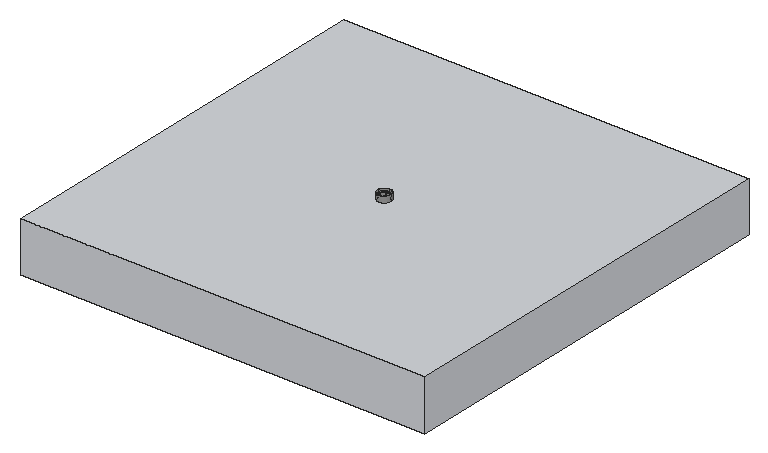
Revit family "Hekatron_Feststellanlagen_Sockel 143 A_DE_22.01", category Brandmelder, Revit 2018
Family settings
  Basisbauteil = Fläche
  Beschriftungsausrichtung beibehalten = Ja
  Bemaßung runder Anschluss = Durchmesser verwenden
  Teiletyp = Normal
  OmniClass-Nummer = 23.85.30.21
  OmniClass-Titel = Environmental Detection/Registration
  Beim Laden mit Abzugskörper schneiden = Nein
  Gemeinsam genutzt = Nein
  Raumberechnungspunkt = Nein
Parameters (values of type "Base 143 A")
  Zulässige Umgebungstemperatur = ""
  Zulässige Luftgeschwindigkeit = ""
  Zulassungen nach EN 54 = ""
  Version des BIM Objektes = "22.01"
  VdS-Anerkennung = ""
  URL = "https://www.hekatron-brandschutz.de"
  UB A&S Artikel Nummer = "5000350"
  Typenkommentare = "Aufputz Montagesockel"
  Tiefe (mm) = ""
  Stromaufnahme = ""
  Schutzart = "IP 42"
  Rauchteil einstellbar = ""
  Nettogewicht (g) = ""
  Montageart = "Aufputz"
  Modell = "Sockel 143 A"
  Material = "PC"
  Link zum Datenblatt = ""
  Link zu ausschreiben.de = "http://www.ausschreiben.de/katalog/Hekatron/position/39"
  Link zu Produktinformation = "https://www.hekatron-planungstools.de/Produktinfo/Sockel_143_A.PDF"
  Link zu Ausschreibungstext = "https://www.meinhplus.de/login"
  Leistungserklärung (DoP) = ""
  Lautstärke DIN-Ton (dB) = ""
  Kabeleinführung = "hinten, seitlich"
  Höhe (mm) = "33.0"
  Hersteller = "Hekatron"
  Heigth [instance] = 80.2 mm
  Funktionsprinzip = ""
  Farbe = "weiß, ähnlich RAL 9010"
  Ex-Zonen = ""
  Einstellung Temperaturklasse nach EN 54-5 = ""
  Einstellung Temperaturindex nach EN 54-5 = ""
  Einstellung Rauchempfindlichkeit nach EN 54-20 = ""
  Einstellen Rauchempfindlichkeit nach EN 54-7 = ""
  EG-Konformitätszertifikat / Zertifikat der Leistungsbeständigkeit = ""
  Durchmesser (mm) = "80.0"
  Depth [instance] = 33 mm
  Vorgabe-Ansicht = 1200 mm
  Breite (mm) = ""
  Betriebsspannung = ""
  Beschreibung = "Universalsockel für den Rauchschalter ORS 142 und den Thermodiffernzialschalter TDS 247 zur Deckenmontage."
  Bauartgenehmigungen = ""
  Anzahl Ansaugleitungen = ""
  Ansprechtemperatur = ""
  Alarm- & Empfindlichkeitsbereich = ""
Reference planes
  plane 1 "Center (Front/Back)": y = 0
  plane 2: z = 0
  plane 3 "Center (Left/Right)": x = 0
Forms (mm)
  Extrusion 1, solid
    sketch origin (0, 0, 0) x (1, 0, 0) y (0, 1, 0)
      loop
        line (-1219.2, 1219.2) -> (-1219.2, -1219.2) -> (1219.2, -1219.2) -> (1219.2, 1219.2) -> (-1219.2, 1219.2)
    from 0 to -304.8
  Revolve 2, solid, material "PC/ABS Plastic, RAL 9010"
    sketch origin (0, 0, 0) x (1, 0, 0) y (0, 0, 1)
      loop
        line (-39.25, 33) -> (-40.1, 33) -> (-39.65, 0) -> (0, 0) -> (0, 2.5) -> (-37.279, 2.5) -> (-37.488, 14.05) -> (0, 14.05) -> (0, 16) -> (-38.282, 16) -> (-38.35, 21) -> (-39.15, 21) -> (-39.25, 33)
      axis (0, 33) -> (0, 0)
    angle from 0 to 360
  Extrusion 3, void
    sketch origin (0, 0, 0) x (1, 0, 0) y (0, 1, 0)
      loop
        arc (28.36, -4.925) -> (32.5, 0) -> (28.36, 4.925) r 5
        arc (28.36, 4.925) -> (24.666, 14.838) -> (17.641, 22.746) r 28.785
        line (17.641, 22.746) -> (17.151, 22.114)
        arc (17.151, 22.114) -> (15.034, 23.604) -> (12.789, 24.892) r 27.985
        line (12.789, 24.892) -> (13.154, 25.603)
        arc (13.154, 25.603) -> (3.677, 28.549) -> (-6.238, 28.101) r 28.785
        line (-6.238, 28.101) -> (-6.064, 27.32)
        arc (-6.064, 27.32) -> (-8.505, 26.661) -> (-10.876, 25.785) r 27.985
        line (-10.876, 25.785) -> (-11.187, 26.522)
        arc (-11.187, 26.522) -> (-19.457, 21.213) -> (-25.459, 13.431) r 28.785
        line (-25.459, 13.431) -> (-24.752, 13.058)
        arc (-24.752, 13.058) -> (-25.863, 10.689) -> (-26.748, 8.228) r 27.985
        line (-26.748, 8.228) -> (-27.513, 8.463)
        arc (-27.513, 8.463) -> (-27.992, 6.708) -> (-28.36, 4.925) r 28.785
        arc (-28.36, 4.925) -> (-32.5, 0) -> (-28.36, -4.925) r 5
        arc (-28.36, -4.925) -> (-24.677, -14.82) -> (-17.673, -22.72) r 28.785
        line (-17.673, -22.72) -> (-17.182, -22.089)
        arc (-17.182, -22.089) -> (-15.045, -23.597) -> (-12.776, -24.898) r 27.985
        line (-12.776, -24.898) -> (-13.141, -25.61)
        arc (-13.141, -25.61) -> (-3.76, -28.538) -> (6.06, -28.14) r 28.785
        line (6.06, -28.14) -> (5.892, -27.358)
        arc (5.892, -27.358) -> (8.336, -26.714) -> (10.713, -25.853) r 27.985
        line (10.713, -25.853) -> (11.019, -26.592)
        arc (11.019, -26.592) -> (19.396, -21.269) -> (25.467, -13.417) r 28.785
        line (25.467, -13.417) -> (24.759, -13.045)
        arc (24.759, -13.045) -> (25.858, -10.701) -> (26.736, -8.266) r 27.985
        line (26.736, -8.266) -> (27.5, -8.503)
        arc (27.5, -8.503) -> (27.988, -6.728) -> (28.36, -4.925) r 28.785
    from 14.05 to 16
  Extrusion 4, void
    sketch origin (0, 0, 0) x (1, 0, 0) y (0, 1, 0)
      loop
        arc (-23.747, 19.926) -> (-23.932, 22.04) -> (-26.046, 21.855) r 1.5
        arc (-26.046, 21.855) -> (-28.356, 18.761) -> (-30.3, 15.425) r 34
        arc (-30.3, 15.425) -> (-31.284, 9.714) -> (-27.574, 14.166) r 3
        arc (-27.574, 14.166) -> (-25.822, 17.153) -> (-23.747, 19.926) r 31
      loop
        arc (26.046, 21.855) -> (23.4, 24.667) -> (20.452, 27.161) r 34
        arc (20.452, 27.161) -> (14.999, 29.122) -> (18.739, 24.695) r 3
        arc (18.739, 24.695) -> (21.376, 22.451) -> (23.747, 19.926) r 31
        arc (23.747, 19.926) -> (25.861, 19.742) -> (26.046, 21.855) r 1.5
      loop
        arc (30.3, -15.425) -> (31.284, -9.714) -> (27.574, -14.166) r 3
        arc (27.574, -14.166) -> (25.822, -17.153) -> (23.747, -19.926) r 31
        arc (23.747, -19.926) -> (23.932, -22.04) -> (26.046, -21.855) r 1.5
        arc (26.046, -21.855) -> (28.356, -18.761) -> (30.3, -15.425) r 34
      loop
        arc (7.66, -33.126) -> (12.668, -30.209) -> (6.873, -30.229) r 3
        arc (6.873, -30.229) -> (3.458, -30.807) -> (0, -31) r 31
        arc (0, -31) -> (-1.5, -32.5) -> (0, -34) r 1.5
        arc (0, -34) -> (3.855, -33.781) -> (7.66, -33.126) r 34
      loop
        arc (-20.452, -27.161) -> (-14.999, -29.122) -> (-18.739, -24.695) r 3
        arc (-18.739, -24.695) -> (-21.376, -22.451) -> (-23.747, -19.926) r 31
        arc (-23.747, -19.926) -> (-25.861, -19.742) -> (-26.046, -21.855) r 1.5
        arc (-26.046, -21.855) -> (-23.4, -24.667) -> (-20.452, -27.161) r 34
    from 14.05 to 16
  Extrusion 5, void
    sketch origin (0, 0, 0) x (1, 0, 0) y (0, 1, 0)
      loop
        circle (-29.75, 0) r 1.85
      loop
        circle (29.75, 0) r 1.85
    from 0 to 2.5
  Extrusion 6, void
    sketch origin (0, 0, 0) x (0, 1, 0) y (0, 0, 1)
      loop
        circle (0, 8) r 5
    from 38.482 to 40.099
  Extrusion 7, void
    sketch origin (0, 0, 0) x (0, 1, 0) y (0, 0, -1)
      loop
        circle (0, -8) r 5
    from 38.482 to 40.099
  Extrusion 8, solid, material "PC/ABS Plastic, RAL 9010"
    sketch origin (0, 0, 0) x (1, 0, 0) y (0, 1, 0)
      loop
        line (26.626, 5.864) -> (27.992, 5.864)
        arc (27.992, 5.864) -> (24.302, 15.079) -> (17.685, 22.477) r 28.6
        line (17.685, 22.477) -> (17.177, 21.821)
        arc (17.177, 21.821) -> (14.919, 23.423) -> (12.513, 24.792) r 27.771
        line (12.513, 24.792) -> (12.892, 25.53)
        arc (12.892, 25.53) -> (3.653, 28.366) -> (-6.002, 27.963) r 28.6
        line (-6.002, 27.963) -> (-5.822, 27.153)
        arc (-5.822, 27.153) -> (-8.44, 26.457) -> (-10.977, 25.509) r 27.771
        line (-10.977, 25.509) -> (-11.299, 26.273)
        arc (-11.299, 26.273) -> (-19.332, 21.077) -> (-25.202, 13.521) r 28.6
        line (-25.202, 13.521) -> (-24.468, 13.134)
        arc (-24.468, 13.134) -> (-25.665, 10.608) -> (-26.601, 7.974) r 27.771
        line (-26.601, 7.974) -> (-27.394, 8.217)
        arc (-27.394, 8.217) -> (-27.718, 7.047) -> (-27.992, 5.864) r 28.6
        line (-27.992, 5.864) -> (-26.626, 5.864)
        arc (-26.626, 5.864) -> (0, 27.264) -> (26.626, 5.864) r 27.264
      loop
        arc (26.626, -5.864) -> (0, -27.264) -> (-26.626, -5.864) r 27.264
        line (-26.626, -5.864) -> (-27.992, -5.864)
        arc (-27.992, -5.864) -> (-24.313, -15.061) -> (-17.717, -22.451) r 28.6
        line (-17.717, -22.451) -> (-17.208, -21.797)
        arc (-17.208, -21.797) -> (-14.93, -23.416) -> (-12.5, -24.799) r 27.771
        line (-12.5, -24.799) -> (-12.878, -25.536)
        arc (-12.878, -25.536) -> (-3.735, -28.355) -> (5.826, -28) r 28.6
        line (5.826, -28) -> (5.651, -27.19)
        arc (5.651, -27.19) -> (8.273, -26.51) -> (10.816, -25.578) r 27.771
        line (10.816, -25.578) -> (11.133, -26.344)
        arc (11.133, -26.344) -> (19.271, -21.132) -> (25.209, -13.508) r 28.6
        line (25.209, -13.508) -> (24.475, -13.121)
        arc (24.475, -13.121) -> (25.66, -10.619) -> (26.59, -8.012) r 27.771
        line (26.59, -8.012) -> (27.382, -8.257)
        arc (27.382, -8.257) -> (27.713, -7.067) -> (27.992, -5.864) r 28.6
        line (27.992, -5.864) -> (26.626, -5.864)
    from 2.5 to 16
  Extrusion 9, void
    sketch origin (0, 0, 0) x (1, 0, 0) y (0, 1, 0)
      loop
        circle (25, 0) r 2.25
      loop
        circle (16.5, 0) r 4.75
      loop
        circle (-16.5, 0) r 4.75
      loop
        circle (-25, 0) r 2.25
    from 0 to 2.5
  Blend 10, solid, material "PC/ABS Plastic, RAL 9010"
    base sketch origin (0, 0, 0) x (1, 0, 0) y (0, 1, 0)
      loop
        circle (-25, 0) r 1.75
    top sketch origin (0, 0, 0) x (1, 0, 0) y (0, 1, 0)
      loop
        circle (-25, 0) r 2.25
    from 2.5 to 1.25
  Blend 11, solid, material "PC/ABS Plastic, RAL 9010"
    base sketch origin (0, 0, 0) x (-1, 0, 0) y (0, -1, 0)
      loop
        circle (-25, 0) r 1.75
    top sketch origin (0, 0, 0) x (-1, 0, 0) y (0, -1, 0)
      loop
        circle (-25, 0) r 2.25
    from 2.5 to 1.25
  Blend 12, solid, material "PC/ABS Plastic, RAL 9010"
    base sketch origin (0, 0, 0) x (1, 0, 0) y (0, 1, 0)
      loop
        circle (-16.5, 0) r 4.25
    top sketch origin (0, 0, 0) x (1, 0, 0) y (0, 1, 0)
      loop
        circle (-16.5, 0) r 4.75
    from 2.5 to 1.25
  Blend 13, solid, material "PC/ABS Plastic, RAL 9010"
    base sketch origin (0, 0, 0) x (-1, 0, 0) y (0, -1, 0)
      loop
        circle (-16.5, 0) r 4.25
    top sketch origin (0, 0, 0) x (-1, 0, 0) y (0, -1, 0)
      loop
        circle (-16.5, 0) r 4.75
    from 2.5 to 1.25
  Extrusion 14, void
    sketch origin (0, 0, 0) x (1, 0, 0) y (0, 1, 0)
      loop
        circle (-9.773, -30.996) r 2.15
      loop
        circle (17.462, -27.41) r 2.15
      loop
        circle (30.026, 12.437) r 2.15
      loop
        circle (9.773, 30.996) r 2.15
      loop
        circle (-17.462, 27.41) r 2.15
      loop
        circle (-30.026, -12.437) r 2.15
    from 14.5 to 16
  Extrusion 15, solid, material "PC/ABS Plastic, RAL 9010"
    sketch origin (47.488, -14.973, 0) x (1, 0, 0) y (0, 1, 0)
      loop
        circle (-17.466, 27.408) r 1.9
      loop
        circle (-37.719, 45.966) r 1.9
      loop
        circle (-64.954, 42.381) r 1.9
      loop
        circle (-77.518, 2.533) r 1.9
      loop
        circle (-57.265, -16.025) r 1.9
      loop
        circle (-30.03, -12.44) r 1.9
    from 14.5 to 15.525
  Extrusion 16, void
    sketch origin (0, 0, 0) x (1, 0, 0) y (0, 1, 0)
      loop
        line (-35, -7.868) -> (-35, 7.75) -> (-37.489, 7.75)
        arc (-37.489, 7.75) -> (-38.083, 3.895) -> (-38.282, 0) r 38.282
        arc (-38.282, 0) -> (-38.077, -3.955) -> (-37.465, -7.868) r 38.282
        line (-37.465, -7.868) -> (-35, -7.868)
      loop
        line (34.75, -7.868) -> (37.465, -7.868)
        arc (37.465, -7.868) -> (38.077, -3.955) -> (38.282, 0) r 38.282
        arc (38.282, 0) -> (38.083, 3.895) -> (37.489, 7.75) r 38.282
        line (37.489, 7.75) -> (34.75, 7.75) -> (34.75, -7.868)
    from 14.05 to 16
  Extrusion 17, solid, material "PC/ABS Plastic, RAL 9010"
    sketch origin (0, 0, 0) x (1, 0, 0) y (0, 1, 0)
      loop
        arc (-37.53, 7.55) -> (-38.093, 3.794) -> (-38.282, 0) r 38.282
        arc (-38.282, 0) -> (-38.087, -3.853) -> (-37.506, -7.668) r 38.282
        line (-37.506, -7.668) -> (-35.1, -7.668) -> (-35.1, -5.07) -> (-36, -5.07) -> (-36, 5.07) -> (-35.1, 5.07) -> (-35.1, 7.55) -> (-37.53, 7.55)
    from 0 to 16
  Extrusion 18, solid, material "PC/ABS Plastic, RAL 9010"
    sketch origin (0, 0, 0) x (-1, 0, 0) y (0, -1, 0)
      loop
        line (-37.53, -7.55) -> (-35.1, -7.55) -> (-35.1, -5.07) -> (-36, -5.07) -> (-36, 5.07) -> (-35.1, 5.07) -> (-35.1, 7.668) -> (-37.506, 7.668)
        arc (-37.506, 7.668) -> (-38.087, 3.853) -> (-38.282, 0) r 38.282
        arc (-38.282, 0) -> (-38.093, -3.794) -> (-37.53, -7.55) r 38.282
    from 0 to 16
  Extrusion 19, void
    sketch origin (0, 0, 0) x (0, 1, 0) y (0, 0, 1)
      loop
        circle (0, 8) r 4
    from -36.527 to -36
  Extrusion 20, void
    sketch origin (0, 0, 0) x (0, 1, 0) y (0, 0, 1)
      loop
        circle (0, 8) r 1.5
    from -37.16 to -36.527
  Extrusion 21, void
    sketch origin (0, 0, 0) x (0, 1, 0) y (0, 0, -1)
      loop
        circle (0, -8) r 4
    from -36.527 to -36
  Extrusion 22, void
    sketch origin (0, 0, 0) x (0, 1, 0) y (0, 0, -1)
      loop
        circle (0, -8) r 1.5
    from -37.16 to -36.527
  Revolve 23, solid, material "PC/ABS Plastic, RAL 9010"
    sketch origin (0, 0, 0) x (1, 0, 0) y (0, 0, 1)
      loop
        line (-2.75, 2.5) -> (0, 2.5) -> (0, 3.595)
        arc (0, 3.595) -> (-1.48, 3.311) -> (-2.75, 2.5) r 4
      axis (0, 3.595) -> (0, 2.5)
    angle from 0 to 360
  Blend 24, solid, material "PC/ABS Plastic, RAL 9010"
    base sketch origin (0, 0, 2.5) x (0, -1, 0) y (1, 0, 0)
      loop
        circle (0, -25) r 1.75
    top sketch origin (0, 0, 2.5) x (0, -1, 0) y (1, 0, 0)
      loop
        circle (0, -25) r 2.25
    from -2.25 to -1.25
  Blend 25, solid, material "PC/ABS Plastic, RAL 9010"
    base sketch origin (0, 0, 2.5) x (0, 1, 0) y (-1, 0, 0)
      loop
        circle (0, -25) r 1.75
    top sketch origin (0, 0, 2.5) x (0, 1, 0) y (-1, 0, 0)
      loop
        circle (0, -25) r 2.25
    from -2.25 to -1.25
  Blend 26, solid, material "PC/ABS Plastic, RAL 9010"
    base sketch origin (0, 0, 2.5) x (0, -1, 0) y (1, 0, 0)
      loop
        circle (0, -16.5) r 4.25
    top sketch origin (0, 0, 2.5) x (0, -1, 0) y (1, 0, 0)
      loop
        circle (0, -16.5) r 4.75
    from -2.25 to -1.25
  Blend 27, solid, material "PC/ABS Plastic, RAL 9010"
    base sketch origin (0, 0, 2.5) x (0, 1, 0) y (-1, 0, 0)
      loop
        circle (0, -16.5) r 4.25
    top sketch origin (0, 0, 2.5) x (0, 1, 0) y (-1, 0, 0)
      loop
        circle (0, -16.5) r 4.75
    from -2.25 to -1.25
  Extrusion 28, void
    sketch origin (0, 0, 0) x (1, 0, 0) y (0, 1, 0)
      loop
        arc (11.831, 18.903) -> (8.467, 20.63) -> (4.86, 21.764) r 22.3
        arc (4.86, 21.764) -> (3.727, 22.782) -> (2.25, 23.15) r 3.15
        line (2.25, 23.15) -> (-2.25, 23.15)
        arc (-2.25, 23.15) -> (-3.727, 22.782) -> (-4.86, 21.764) r 3.15
        arc (-4.86, 21.764) -> (-8.467, 20.63) -> (-11.831, 18.903) r 22.3
        line (-11.831, 18.903) -> (-1.756, 8.827)
        arc (-1.756, 8.827) -> (0, 9) -> (1.756, 8.827) r 9
        line (1.756, 8.827) -> (11.831, 18.903)
      loop
        arc (8.827, 1.756) -> (9, 0) -> (8.827, -1.756) r 9
        line (8.827, -1.756) -> (18.903, -11.831)
        arc (18.903, -11.831) -> (22.3, 0) -> (18.903, 11.831) r 22.3
        line (18.903, 11.831) -> (8.827, 1.756)
      loop
        line (-1.756, -8.827) -> (-11.831, -18.903)
        arc (-11.831, -18.903) -> (-7.172, -21.115) -> (-2.129, -22.198) r 22.3
        arc (-2.129, -22.198) -> (0, -24.65) -> (2.129, -22.198) r 2.15
        arc (2.129, -22.198) -> (7.172, -21.115) -> (11.831, -18.903) r 22.3
        line (11.831, -18.903) -> (1.756, -8.827)
        arc (1.756, -8.827) -> (0, -9) -> (-1.756, -8.827) r 9
      loop
        arc (-8.827, -1.756) -> (-9, 0) -> (-8.827, 1.756) r 9
        line (-8.827, 1.756) -> (-18.903, 11.831)
        arc (-18.903, 11.831) -> (-22.3, 0) -> (-18.903, -11.831) r 22.3
        line (-18.903, -11.831) -> (-8.827, -1.756)
      loop
        circle (0, 0) r 6
    from 0 to 0.25
  Blend 29, void
    base sketch origin (0, 0, 0) x (1, 0, 0) y (0, 1, 0)
      loop
        circle (0, 0) r 3.6
    top sketch origin (0, 0, 0) x (1, 0, 0) y (0, 1, 0)
      loop
        circle (0, 0) r 2.75
    from 0.25 to 0.8
Cuts and joins
  Extrusion 3, Extrusion 4, Extrusion 5, Extrusion 6, Extrusion 7, Extrusion 9, Extrusion 14, Extrusion 16, Extrusion 19, Extrusion 20, Extrusion 28, Blend 29 cuts Revolve 2
  Extrusion 19, Extrusion 20, Extrusion 21, Extrusion 22 cuts Extrusion 17
  Extrusion 20, Extrusion 21, Extrusion 22 cuts Extrusion 18
  Extrusion 6 cuts Extrusion 8
  Extrusion 28 cuts Blend 12
  Extrusion 28 cuts Blend 13
  Extrusion 28, Blend 29 cuts Revolve 23
  Extrusion 28 cuts Blend 26
  Extrusion 28 cuts Blend 27
Dimensions and locks
  "Heigth": cut or joined group 1 (Revolve 2, Extrusion 3, Extrusion 4, Extrusion 5, Extrusion 6, Extrusion 7, Extrusion 9, Extrusion 14, Extrusion 16, Extrusion 19, Extrusion 20, Extrusion 28, Blend 29) to cut or joined group 1
  "Depth": cut or joined group 1 to Extrusion 1
  aligned and locked: plane 2 to Extrusion 1
  aligned and locked: level to Extrusion 1
Automatic sketch dimensions
  Extrusion 1 sketch curve to Extrusion 1 sketch curve = 2438.4 mm  (x2)
  Revolve 2 sketch curve to level = 0 mm
  Revolve 2 sketch curve to plane 3 "Center (Left/Right)" = 0 mm  (x3)
  level to Revolve 2 sketch curve = 2.5 mm
  Revolve 2 sketch curve to Revolve 2 sketch curve = 37.279 mm
  level to Revolve 2 sketch curve = 14.05 mm
  Revolve 2 sketch curve to Revolve 2 sketch curve = 0.209 mm
  Revolve 2 sketch curve to Revolve 2 sketch curve = 0.794 mm
  Revolve 2 sketch curve to Revolve 2 sketch curve = 0.068 mm
  Revolve 2 sketch curve to Revolve 2 sketch curve = 0.8 mm
  Revolve 2 sketch curve to Revolve 2 sketch curve = 0.1 mm
  Revolve 2 sketch curve to Revolve 2 sketch curve = 2.371 mm
  Revolve 2 sketch curve to Revolve 2 sketch curve = 0.85 mm
  Revolve 2 sketch curve to Revolve 2 sketch curve = 1.95 mm
  Revolve 2 sketch curve to Revolve 2 sketch curve = 5 mm
  Revolve 2 sketch curve to Revolve 2 sketch curve = 12 mm
  Revolve 2 sketch curve to level = 609.6 mm
  Revolve 2 sketch curve to Revolve 2 sketch curve = 2576.058 mm
  Extrusion 3 sketch curve to Extrusion 3 sketch curve = 0 mm  (x182)
  plane 1 "Center (Front/Back)" to Extrusion 3 sketch curve = 0 mm  (x3)
  Extrusion 3 sketch curve to plane 3 "Center (Left/Right)" = 0 mm
  Extrusion 3 sketch curve to plane 3 "Center (Left/Right)" = 6.064 mm
  Extrusion 3 sketch curve to Extrusion 3 sketch curve = 0.173 mm
  Extrusion 3 sketch curve to Extrusion 3 sketch curve = 4.812 mm
  Extrusion 3 sketch curve to Extrusion 3 sketch curve = 0.311 mm
  Extrusion 3 sketch curve to plane 3 "Center (Left/Right)" = 12.776 mm
  Extrusion 3 sketch curve to Extrusion 3 sketch curve = 0.365 mm
  Extrusion 3 sketch curve to Extrusion 3 sketch curve = 4.407 mm
  Extrusion 3 sketch curve to Extrusion 3 sketch curve = 0.491 mm
  Extrusion 3 sketch curve to Extrusion 3 sketch curve = 13.876 mm
  Extrusion 3 sketch curve to Extrusion 3 sketch curve = 0.708 mm  (x2)
  Extrusion 3 sketch curve to plane 1 "Center (Front/Back)" = 8.228 mm
  Extrusion 3 sketch curve to Extrusion 3 sketch curve = 1.996 mm
  Extrusion 3 sketch curve to Extrusion 3 sketch curve = 0.752 mm
  Extrusion 3 sketch curve to plane 1 "Center (Front/Back)" = 8.463 mm
  Extrusion 3 sketch curve to Extrusion 3 sketch curve = 0.765 mm
  plane 3 "Center (Left/Right)" to Extrusion 3 sketch curve = 5.892 mm
  Extrusion 3 sketch curve to Extrusion 3 sketch curve = 0.168 mm
  Extrusion 3 sketch curve to Extrusion 3 sketch curve = 4.821 mm
  Extrusion 3 sketch curve to Extrusion 3 sketch curve = 0.306 mm
  plane 3 "Center (Left/Right)" to Extrusion 3 sketch curve = 12.789 mm
  Extrusion 3 sketch curve to Extrusion 3 sketch curve = 0.366 mm
  Extrusion 3 sketch curve to Extrusion 3 sketch curve = 4.362 mm
  Extrusion 3 sketch curve to Extrusion 3 sketch curve = 0.49 mm
  Extrusion 3 sketch curve to Extrusion 3 sketch curve = 14.046 mm
  plane 1 "Center (Front/Back)" to Extrusion 3 sketch curve = 8.266 mm
  Extrusion 3 sketch curve to Extrusion 3 sketch curve = 1.977 mm
  Extrusion 3 sketch curve to Extrusion 3 sketch curve = 0.764 mm  (x2)
  plane 1 "Center (Front/Back)" to Extrusion 3 sketch curve = 8.503 mm
  Extrusion 3 sketch curve to Extrusion 3 sketch curve = 0.373 mm  (x2)
  plane 1 "Center (Front/Back)" to Extrusion 3 sketch curve = 22.089 mm
  Extrusion 3 sketch curve to Extrusion 3 sketch curve = 0.631 mm
  Extrusion 3 sketch curve to Extrusion 3 sketch curve = 0.712 mm  (x2)
  Extrusion 3 sketch curve to Extrusion 3 sketch curve = 0.739 mm
  Extrusion 3 sketch curve to plane 1 "Center (Front/Back)" = 22.114 mm
  Extrusion 3 sketch curve to Extrusion 3 sketch curve = 0.632 mm
  Extrusion 3 sketch curve to Extrusion 3 sketch curve = 0.737 mm
  plane 1 "Center (Front/Back)" to Extrusion 3 sketch curve = 4.925 mm
  Extrusion 3 sketch curve to plane 1 "Center (Front/Back)" = 4.925 mm
  Extrusion 4 sketch curve to Extrusion 4 sketch curve = 0 mm  (x97)
  plane 1 "Center (Front/Back)" to Extrusion 4 sketch curve = 0 mm
  Extrusion 4 sketch curve to plane 3 "Center (Left/Right)" = 0 mm
  Extrusion 4 sketch curve to plane 3 "Center (Left/Right)" = 17.462 mm
  Extrusion 4 sketch curve to plane 3 "Center (Left/Right)" = 24.896 mm
  Extrusion 4 sketch curve to Extrusion 4 sketch curve = 7.434 mm  (x2)
  Extrusion 4 sketch curve to Extrusion 4 sketch curve = 5.13 mm  (x2)
  plane 3 "Center (Left/Right)" to Extrusion 4 sketch curve = 9.773 mm
  plane 3 "Center (Left/Right)" to Extrusion 4 sketch curve = 17.462 mm
  Extrusion 4 sketch curve to Extrusion 4 sketch curve = 15.124 mm
  plane 1 "Center (Front/Back)" to Extrusion 4 sketch curve = 12.437 mm
  Extrusion 4 sketch curve to Extrusion 4 sketch curve = 8.453 mm  (x2)
  plane 1 "Center (Front/Back)" to Extrusion 4 sketch curve = 20.891 mm
  Extrusion 4 sketch curve to Extrusion 4 sketch curve = 6.52 mm  (x2)
  Extrusion 4 sketch curve to Extrusion 4 sketch curve = 10.105 mm
  Extrusion 4 sketch curve to Extrusion 4 sketch curve = 1.504 mm
  Extrusion 4 sketch curve to plane 1 "Center (Front/Back)" = 12.437 mm
  Extrusion 4 sketch curve to plane 1 "Center (Front/Back)" = 20.891 mm
  Extrusion 4 sketch curve to Extrusion 4 sketch curve = 1.276 mm  (x2)
  Extrusion 4 sketch curve to Extrusion 4 sketch curve = 2.99 mm  (x2)
  Extrusion 4 sketch curve to Extrusion 4 sketch curve = 1.149 mm  (x4)
  Extrusion 4 sketch curve to Extrusion 4 sketch curve = 2.452 mm  (x2)
  Extrusion 4 sketch curve to Extrusion 4 sketch curve = 2.9 mm
  Extrusion 4 sketch curve to Extrusion 4 sketch curve = 2.113 mm
  Extrusion 4 sketch curve to Extrusion 4 sketch curve = 0.767 mm
  Extrusion 5 sketch curve to Extrusion 5 sketch curve = 0 mm  (x4)
  plane 1 "Center (Front/Back)" to Extrusion 5 sketch curve = 0 mm  (x2)
  Extrusion 5 sketch curve to plane 3 "Center (Left/Right)" = 29.75 mm
  plane 3 "Center (Left/Right)" to Extrusion 5 sketch curve = 29.75 mm
  Extrusion 5 sketch curve to Extrusion 5 sketch curve = 1.85 mm  (x2)
  Extrusion 6 sketch curve to plane 1 "Center (Front/Back)" = 0 mm
  level to Extrusion 6 sketch curve = 8 mm
  Extrusion 7 sketch curve to plane 1 "Center (Front/Back)" = 0 mm
  level to Extrusion 7 sketch curve = 8 mm
  Extrusion 8 sketch curve to Extrusion 8 sketch curve = 0 mm  (x240)
  plane 1 "Center (Front/Back)" to Extrusion 8 sketch curve = 0 mm
  Extrusion 8 sketch curve to plane 3 "Center (Left/Right)" = 0 mm
  Extrusion 8 sketch curve to plane 3 "Center (Left/Right)" = 5.822 mm
  Extrusion 8 sketch curve to Extrusion 8 sketch curve = 0.18 mm
  Extrusion 8 sketch curve to Extrusion 8 sketch curve = 5.154 mm
  Extrusion 8 sketch curve to Extrusion 8 sketch curve = 0.322 mm
  Extrusion 8 sketch curve to plane 3 "Center (Left/Right)" = 12.5 mm
  Extrusion 8 sketch curve to Extrusion 8 sketch curve = 0.379 mm  (x2)
  Extrusion 8 sketch curve to Extrusion 8 sketch curve = 4.708 mm
  Extrusion 8 sketch curve to Extrusion 8 sketch curve = 0.509 mm
  Extrusion 8 sketch curve to Extrusion 8 sketch curve = 13.492 mm
  Extrusion 8 sketch curve to Extrusion 8 sketch curve = 0.734 mm  (x2)
  Extrusion 8 sketch curve to plane 1 "Center (Front/Back)" = 7.974 mm
  Extrusion 8 sketch curve to Extrusion 8 sketch curve = 2.133 mm
  plane 1 "Center (Front/Back)" to Extrusion 8 sketch curve = 5.864 mm
  Extrusion 8 sketch curve to Extrusion 8 sketch curve = 0.025 mm  (x2)
  Extrusion 8 sketch curve to plane 1 "Center (Front/Back)" = 8.217 mm
  Extrusion 8 sketch curve to Extrusion 8 sketch curve = 0.793 mm
  Extrusion 8 sketch curve to Extrusion 8 sketch curve = 1.366 mm  (x3)
  plane 3 "Center (Left/Right)" to Extrusion 8 sketch curve = 5.651 mm
  Extrusion 8 sketch curve to Extrusion 8 sketch curve = 0.175 mm
  Extrusion 8 sketch curve to Extrusion 8 sketch curve = 5.165 mm
  Extrusion 8 sketch curve to Extrusion 8 sketch curve = 0.317 mm
  plane 3 "Center (Left/Right)" to Extrusion 8 sketch curve = 12.513 mm
  Extrusion 8 sketch curve to Extrusion 8 sketch curve = 4.664 mm
  Extrusion 8 sketch curve to Extrusion 8 sketch curve = 0.508 mm
  Extrusion 8 sketch curve to Extrusion 8 sketch curve = 13.66 mm
  plane 1 "Center (Front/Back)" to Extrusion 8 sketch curve = 8.012 mm
  Extrusion 8 sketch curve to Extrusion 8 sketch curve = 2.115 mm
  Extrusion 8 sketch curve to plane 1 "Center (Front/Back)" = 5.864 mm
  Extrusion 8 sketch curve to Extrusion 8 sketch curve = 0.036 mm
  plane 1 "Center (Front/Back)" to Extrusion 8 sketch curve = 8.257 mm
  Extrusion 8 sketch curve to Extrusion 8 sketch curve = 0.792 mm
  Extrusion 8 sketch curve to Extrusion 8 sketch curve = 2.347 mm
  Extrusion 8 sketch curve to Extrusion 8 sketch curve = 0.738 mm  (x2)
  Extrusion 8 sketch curve to Extrusion 8 sketch curve = 2.422 mm
  Extrusion 8 sketch curve to Extrusion 8 sketch curve = 0.766 mm
  Extrusion 8 sketch curve to Extrusion 8 sketch curve = 0.387 mm
  Extrusion 8 sketch curve to Extrusion 8 sketch curve = 0.655 mm
  Extrusion 8 sketch curve to Extrusion 8 sketch curve = 0.764 mm
  Extrusion 9 sketch curve to Extrusion 9 sketch curve = 0 mm  (x8)
  plane 1 "Center (Front/Back)" to Extrusion 9 sketch curve = 0 mm  (x4)
  Extrusion 9 sketch curve to plane 3 "Center (Left/Right)" = 25 mm
  Extrusion 9 sketch curve to Extrusion 9 sketch curve = 8.5 mm  (x2)
  plane 3 "Center (Left/Right)" to Extrusion 9 sketch curve = 16.5 mm
  Extrusion 9 sketch curve to Extrusion 9 sketch curve = 2.25 mm
  Extrusion 9 sketch curve to Extrusion 9 sketch curve = 1.5 mm  (x2)
  Extrusion 9 sketch curve to Extrusion 9 sketch curve = 4.75 mm
  Blend 10 sketch curve to Blend 10 sketch curve = 0 mm  (x4)
  plane 1 "Center (Front/Back)" to Blend 10 sketch curve = 0 mm  (x2)
  Blend 10 sketch curve to plane 3 "Center (Left/Right)" = 25 mm  (x2)
  Blend 10 sketch curve to Blend 10 sketch curve = 1.75 mm
  Blend 10 sketch curve to Blend 10 sketch curve = 2.25 mm
  Blend 11 sketch curve to Blend 11 sketch curve = 0 mm  (x4)
  plane 1 "Center (Front/Back)" to Blend 11 sketch curve = 0 mm  (x2)
  Blend 11 sketch curve to plane 3 "Center (Left/Right)" = 25 mm  (x2)
  Blend 11 sketch curve to Blend 11 sketch curve = 1.75 mm
  Blend 11 sketch curve to Blend 11 sketch curve = 2.25 mm
  Blend 12 sketch curve to Blend 12 sketch curve = 0 mm  (x4)
  plane 1 "Center (Front/Back)" to Blend 12 sketch curve = 0 mm  (x2)
  Blend 12 sketch curve to plane 3 "Center (Left/Right)" = 16.5 mm  (x2)
  Blend 12 sketch curve to Blend 12 sketch curve = 4.25 mm
  Blend 12 sketch curve to Blend 12 sketch curve = 4.75 mm
  Blend 13 sketch curve to Blend 13 sketch curve = 0 mm  (x4)
  plane 1 "Center (Front/Back)" to Blend 13 sketch curve = 0 mm  (x2)
  Blend 13 sketch curve to plane 3 "Center (Left/Right)" = 16.5 mm  (x2)
  Blend 13 sketch curve to Blend 13 sketch curve = 4.25 mm
  Blend 13 sketch curve to Blend 13 sketch curve = 4.75 mm
  Extrusion 14 sketch curve to Extrusion 14 sketch curve = 0 mm  (x12)
  plane 1 "Center (Front/Back)" to Extrusion 14 sketch curve = 12.437 mm
  Extrusion 14 sketch curve to plane 3 "Center (Left/Right)" = 30.026 mm
  Extrusion 14 sketch curve to plane 3 "Center (Left/Right)" = 17.462 mm
  Extrusion 14 sketch curve to plane 3 "Center (Left/Right)" = 9.773 mm
  plane 3 "Center (Left/Right)" to Extrusion 14 sketch curve = 9.773 mm
  plane 3 "Center (Left/Right)" to Extrusion 14 sketch curve = 17.462 mm
  Extrusion 14 sketch curve to plane 1 "Center (Front/Back)" = 12.437 mm
  Extrusion 14 sketch curve to Extrusion 14 sketch curve = 20.253 mm
  plane 1 "Center (Front/Back)" to Extrusion 14 sketch curve = 27.41 mm
  Extrusion 14 sketch curve to Extrusion 14 sketch curve = 3.586 mm  (x2)
  Extrusion 14 sketch curve to plane 1 "Center (Front/Back)" = 27.41 mm
  Extrusion 14 sketch curve to Extrusion 14 sketch curve = 0.373 mm  (x4)
  Extrusion 14 sketch curve to Extrusion 14 sketch curve = 2.15 mm  (x2)
  Extrusion 14 sketch curve to Extrusion 14 sketch curve = 1.382 mm  (x4)
  Extrusion 14 sketch curve to Extrusion 14 sketch curve = 2.117 mm  (x2)
  Extrusion 14 sketch curve to Extrusion 14 sketch curve = 1.647 mm  (x2)
  Extrusion 15 sketch curve to plane 1 "Center (Front/Back)" = 12.435 mm
  plane 3 "Center (Left/Right)" to Extrusion 15 sketch curve = 30.022 mm
  Extrusion 15 sketch curve to Extrusion 15 sketch curve = 1.9 mm  (x6)
  Extrusion 16 sketch curve to Extrusion 16 sketch curve = 0 mm  (x12)
  plane 1 "Center (Front/Back)" to Extrusion 16 sketch curve = 0 mm
  Extrusion 16 sketch curve to plane 3 "Center (Left/Right)" = 0 mm
  Extrusion 16 sketch curve to plane 1 "Center (Front/Back)" = 7.75 mm
  Extrusion 16 sketch curve to plane 3 "Center (Left/Right)" = 35 mm
  Extrusion 16 sketch curve to Extrusion 16 sketch curve = 2.465 mm
  Extrusion 16 sketch curve to Extrusion 16 sketch curve = 2.489 mm
  plane 1 "Center (Front/Back)" to Extrusion 16 sketch curve = 7.868 mm
  plane 3 "Center (Left/Right)" to Extrusion 16 sketch curve = 34.75 mm
  Extrusion 16 sketch curve to Extrusion 16 sketch curve = 2.715 mm
  Extrusion 16 sketch curve to Extrusion 16 sketch curve = 2.739 mm
  Extrusion 17 sketch curve to Extrusion 17 sketch curve = 0 mm  (x3)
  plane 1 "Center (Front/Back)" to Extrusion 17 sketch curve = 0 mm
  Extrusion 17 sketch curve to plane 3 "Center (Left/Right)" = 0 mm
  plane 1 "Center (Front/Back)" to Extrusion 17 sketch curve = 5.07 mm
  Extrusion 17 sketch curve to plane 3 "Center (Left/Right)" = 35.1 mm
  Extrusion 17 sketch curve to Extrusion 17 sketch curve = 0.9 mm
  Extrusion 17 sketch curve to Extrusion 17 sketch curve = 2.406 mm
  Extrusion 17 sketch curve to Extrusion 17 sketch curve = 2.43 mm
  Extrusion 17 sketch curve to Extrusion 17 sketch curve = 2.598 mm
  Extrusion 17 sketch curve to Extrusion 17 sketch curve = 2.48 mm
  Extrusion 18 sketch curve to Extrusion 18 sketch curve = 0 mm  (x3)
  plane 1 "Center (Front/Back)" to Extrusion 18 sketch curve = 0 mm
  Extrusion 18 sketch curve to plane 3 "Center (Left/Right)" = 0 mm
  Extrusion 18 sketch curve to plane 1 "Center (Front/Back)" = 5.07 mm
  Extrusion 18 sketch curve to plane 3 "Center (Left/Right)" = 35.1 mm
  Extrusion 18 sketch curve to Extrusion 18 sketch curve = 0.9 mm
  Extrusion 18 sketch curve to Extrusion 18 sketch curve = 2.406 mm
  Extrusion 18 sketch curve to Extrusion 18 sketch curve = 2.43 mm
  Extrusion 18 sketch curve to Extrusion 18 sketch curve = 2.598 mm
  Extrusion 18 sketch curve to Extrusion 18 sketch curve = 2.48 mm
  Extrusion 19 sketch curve to Extrusion 19 sketch curve = 0 mm  (x2)
  Extrusion 19 sketch curve to plane 1 "Center (Front/Back)" = 0 mm
  level to Extrusion 19 sketch curve = 8 mm
  plane 1 "Center (Front/Back)" to Extrusion 19 sketch curve = 4 mm
  Extrusion 20 sketch curve to plane 1 "Center (Front/Back)" = 0 mm
  level to Extrusion 20 sketch curve = 8 mm
  Extrusion 21 sketch curve to Extrusion 21 sketch curve = 0 mm  (x2)
  Extrusion 21 sketch curve to plane 1 "Center (Front/Back)" = 0 mm
  level to Extrusion 21 sketch curve = 8 mm
  plane 1 "Center (Front/Back)" to Extrusion 21 sketch curve = 4 mm
  Extrusion 22 sketch curve to plane 1 "Center (Front/Back)" = 0 mm
  level to Extrusion 22 sketch curve = 8 mm
  Revolve 23 sketch curve to plane 3 "Center (Left/Right)" = 0 mm  (x2)
  Revolve 23 sketch curve to Revolve 23 sketch curve = 2.75 mm
  Revolve 23 sketch curve to level = 0.405 mm
  level to Revolve 23 sketch curve = 2.5 mm
  Revolve 23 sketch curve to Revolve 23 sketch curve = 609.195 mm
  Revolve 23 sketch curve to Revolve 23 sketch curve = 2605.463 mm
  Blend 24 sketch curve to Blend 24 sketch curve = 0 mm  (x4)
  plane 1 "Center (Front/Back)" to Blend 24 sketch curve = 0 mm  (x2)
  Blend 24 sketch curve to plane 3 "Center (Left/Right)" = 25 mm  (x2)
  Blend 24 sketch curve to Blend 24 sketch curve = 1.75 mm
  Blend 24 sketch curve to Blend 24 sketch curve = 2.25 mm
  Blend 25 sketch curve to Blend 25 sketch curve = 0 mm  (x4)
  plane 1 "Center (Front/Back)" to Blend 25 sketch curve = 0 mm  (x2)
  plane 3 "Center (Left/Right)" to Blend 25 sketch curve = 25 mm  (x2)
  Blend 25 sketch curve to Blend 25 sketch curve = 1.75 mm
  Blend 25 sketch curve to Blend 25 sketch curve = 2.25 mm
  Blend 26 sketch curve to Blend 26 sketch curve = 0 mm  (x4)
  plane 1 "Center (Front/Back)" to Blend 26 sketch curve = 0 mm  (x2)
  Blend 26 sketch curve to plane 3 "Center (Left/Right)" = 16.5 mm  (x2)
  Blend 26 sketch curve to Blend 26 sketch curve = 4.25 mm
  Blend 26 sketch curve to Blend 26 sketch curve = 4.75 mm
  Blend 27 sketch curve to Blend 27 sketch curve = 0 mm  (x4)
  plane 1 "Center (Front/Back)" to Blend 27 sketch curve = 0 mm  (x2)
  plane 3 "Center (Left/Right)" to Blend 27 sketch curve = 16.5 mm  (x2)
  Blend 27 sketch curve to Blend 27 sketch curve = 4.25 mm
  Blend 27 sketch curve to Blend 27 sketch curve = 4.75 mm
  Extrusion 28 sketch curve to Extrusion 28 sketch curve = 0 mm  (x133)
  plane 1 "Center (Front/Back)" to Extrusion 28 sketch curve = 0 mm
  Extrusion 28 sketch curve to plane 3 "Center (Left/Right)" = 0 mm  (x2)
  Extrusion 28 sketch curve to plane 3 "Center (Left/Right)" = 1.756 mm  (x2)
  Extrusion 28 sketch curve to plane 3 "Center (Left/Right)" = 2.25 mm
  Extrusion 28 sketch curve to plane 1 "Center (Front/Back)" = 1.756 mm  (x2)
  Extrusion 28 sketch curve to plane 3 "Center (Left/Right)" = 8.827 mm
  plane 1 "Center (Front/Back)" to Extrusion 28 sketch curve = 1.756 mm  (x2)
  Extrusion 28 sketch curve to Extrusion 28 sketch curve = 9.581 mm  (x2)
  Extrusion 28 sketch curve to plane 3 "Center (Left/Right)" = 11.831 mm
  Extrusion 28 sketch curve to Extrusion 28 sketch curve = 7.071 mm  (x8)
  Extrusion 28 sketch curve to plane 1 "Center (Front/Back)" = 11.831 mm  (x2)
  plane 3 "Center (Left/Right)" to Extrusion 28 sketch curve = 1.756 mm  (x2)
  plane 3 "Center (Left/Right)" to Extrusion 28 sketch curve = 2.25 mm
  plane 3 "Center (Left/Right)" to Extrusion 28 sketch curve = 8.827 mm
  plane 3 "Center (Left/Right)" to Extrusion 28 sketch curve = 11.831 mm
  Extrusion 28 sketch curve to Extrusion 28 sketch curve = 3.597 mm
  plane 1 "Center (Front/Back)" to Extrusion 28 sketch curve = 8.827 mm
  Extrusion 28 sketch curve to plane 1 "Center (Front/Back)" = 8.827 mm
  Extrusion 28 sketch curve to Extrusion 28 sketch curve = 1.097 mm
  Extrusion 28 sketch curve to Extrusion 28 sketch curve = 3.15 mm
  Extrusion 28 sketch curve to plane 3 "Center (Left/Right)" = 2.129 mm
  Extrusion 28 sketch curve to Extrusion 28 sketch curve = 2.827 mm
  Blend 29 sketch curve to Blend 29 sketch curve = 0 mm  (x4)
  plane 1 "Center (Front/Back)" to Blend 29 sketch curve = 0 mm  (x2)
  Blend 29 sketch curve to plane 3 "Center (Left/Right)" = 0 mm  (x2)
  Blend 29 sketch curve to Blend 29 sketch curve = 3.6 mm
  Blend 29 sketch curve to Blend 29 sketch curve = 2.75 mm
  Extrusion 15 sketch curve to Extrusion 15 sketch curve = 18.559 mm  (x2)
  plane 3 "Center (Left/Right)" to Extrusion 15 sketch curve = 9.769 mm
  Extrusion 15 sketch curve to plane 3 "Center (Left/Right)" = 17.466 mm
  Extrusion 15 sketch curve to Extrusion 15 sketch curve = 3.586 mm  (x2)
  plane 1 "Center (Front/Back)" to Extrusion 15 sketch curve = 12.44 mm
  Extrusion 15 sketch curve to plane 3 "Center (Left/Right)" = 30.03 mm
  Extrusion 15 sketch curve to plane 3 "Center (Left/Right)" = 9.777 mm
  Extrusion 15 sketch curve to Extrusion 15 sketch curve = 0 mm  (x2)
  plane 3 "Center (Left/Right)" to Extrusion 15 sketch curve = 17.458 mm
  radius of Extrusion 6 sketch curve = 5 mm
  radius of Extrusion 7 sketch curve = 5 mm
  radius of Extrusion 20 sketch curve = 1.5 mm
  radius of Extrusion 22 sketch curve = 1.5 mm
